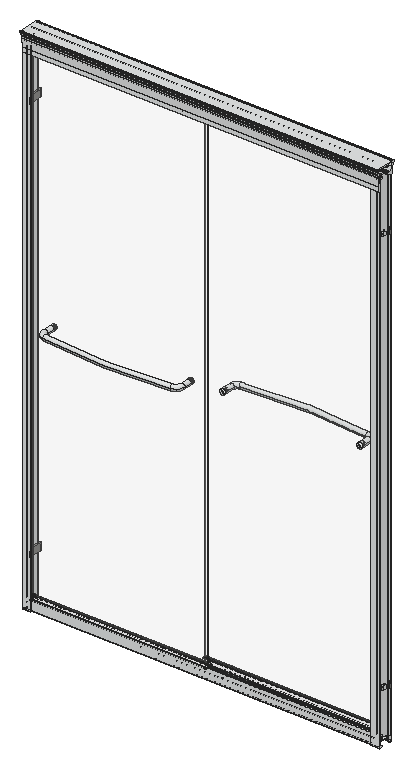
Revit family "Shower-Shower_Door-KOHLER-Fluence-K-702221", category Specialty Equipment, host Face, Revit 2021 (continued)
Definition of nested family "K-702221"
  Lines and regions (in)
    Masking region 2
      outline origin (13.1363, 2.44719, 48) x (0, 1, 0) y (0, 0, 1)
        loop
          arc (-1.46109, 26.35725) -> (-1.46799, 26.32613) -> (-1.48738, 26.30083) r 0.07368
          arc (-1.48738, 26.30083) -> (-1.66515, 26.25266) -> (-1.83501, 26.32388) r 0.28353
          arc (-1.83501, 26.32388) -> (-1.85018, 26.33344) -> (-1.86779, 26.33678) r 0.04811
          line (-1.86779, 26.33678) -> (-1.94477, 26.33678)
          arc (-1.94477, 26.33678) -> (-1.95979, 26.33023) -> (-1.96523, 26.31477) r 0.02051
          arc (-1.96523, 26.31477) -> (-1.93922, 25.84109) -> (-1.93055, 25.36678) r 12.97575
          line (-1.93055, 25.36678) -> (-1.93055, 26.25003) -> (-1.39274, 26.25003) -> (-1.39274, 26.50735) -> (-1.40673, 26.47989) -> (-1.51678, 26.47989) -> (-1.51678, 26.35356) -> (-1.54686, 26.32348) -> (-1.73673, 26.32348) -> (-1.76678, 26.35353) -> (-1.76678, 27.04453) -> (-1.73679, 27.07453) -> (-1.54664, 27.07453) -> (-1.51678, 27.04467) -> (-1.51678, 26.91833) -> (-1.40673, 26.91833) -> (-1.39274, 26.89087) -> (-1.39274, 26.94404)
          arc (-1.39274, 26.94404) -> (-1.35274, 26.98404) -> (-1.31274, 26.94404) r 0.04
          line (-1.31274, 26.94404) -> (-1.31274, 26.85217) -> (-1.27828, 26.85217)
          arc (-1.27828, 26.85217) -> (-1.20699, 26.8003) -> (-1.17314, 26.7189) r 0.16301
          line (-1.17314, 26.7189) -> (-1.24034, 26.7189) -> (-1.24034, 26.67889) -> (-1.17325, 26.67889)
          arc (-1.17325, 26.67889) -> (-1.20727, 26.59802) -> (-1.27828, 26.5465) r 0.16301
          line (-1.27828, 26.5465) -> (-1.31274, 26.5465) -> (-1.31274, 26.25003) -> (-0.4514, 26.25003) -> (-0.4514, 26.5465) -> (-0.48306, 26.5465)
          arc (-0.48306, 26.5465) -> (-0.55407, 26.59802) -> (-0.58809, 26.67889) r 0.16301
          line (-0.58809, 26.67889) -> (-0.521, 26.67889) -> (-0.521, 26.7189) -> (-0.5882, 26.7189)
          arc (-0.5882, 26.7189) -> (-0.55435, 26.8003) -> (-0.48306, 26.85217) r 0.16301
          line (-0.48306, 26.85217) -> (-0.4514, 26.85217) -> (-0.4514, 26.94404)
          arc (-0.4514, 26.94404) -> (-0.4114, 26.98404) -> (-0.3714, 26.94404) r 0.04
          line (-0.3714, 26.94404) -> (-0.3714, 26.89087) -> (-0.35741, 26.91833) -> (-0.2464, 26.91833) -> (-0.2464, 27.04563) -> (-0.2175, 27.07453) -> (-0.0264, 27.07453) -> (0.0036, 27.04453) -> (0.0036, 26.35347) -> (-0.02639, 26.32348) -> (-0.21632, 26.32348) -> (-0.2464, 26.35356) -> (-0.2464, 26.47989) -> (-0.35741, 26.47989) -> (-0.3714, 26.50735) -> (-0.3714, 26.25003) -> (0.16641, 26.25003) -> (0.16641, 25.36678)
          arc (0.16641, 25.36678) -> (0.17508, 25.84109) -> (0.20108, 26.31477) r 12.97575
          arc (0.20108, 26.31477) -> (0.19565, 26.33023) -> (0.18062, 26.33678) r 0.02051
          line (0.18062, 26.33678) -> (0.10365, 26.33678)
          arc (0.10365, 26.33678) -> (0.08603, 26.33344) -> (0.07087, 26.32388) r 0.04811
          arc (0.07087, 26.32388) -> (-0.09441, 26.25301) -> (-0.26907, 26.2958) r 0.28353
          arc (-0.26907, 26.2958) -> (-0.29331, 26.32237) -> (-0.30209, 26.35725) r 0.07368
          line (-0.30209, 26.35725) -> (-0.30209, 26.4273)
          arc (-0.30209, 26.4273) -> (-0.28816, 26.45167) -> (-0.26009, 26.45204) r 0.02829
          line (-0.26009, 26.45204) -> (-0.26009, 26.35632)
          arc (-0.26009, 26.35632) -> (-0.25542, 26.34146) -> (-0.24308, 26.33194) r 0.02597
          arc (-0.24308, 26.33194) -> (-0.18105, 26.31219) -> (-0.11658, 26.30313) r 0.38663
          arc (-0.11658, 26.30313) -> (-0.04699, 26.31554) -> (0.01991, 26.3384) r 0.46285
          line (0.01991, 26.3384) -> (0.01991, 26.38058)
          arc (0.01991, 26.38058) -> (0.02611, 26.39557) -> (0.0411, 26.40178) r 0.02119
          line (0.0411, 26.40178) -> (0.19004, 26.40178)
          arc (0.19004, 26.40178) -> (0.20503, 26.40749) -> (0.21241, 26.42172) r 0.02252
          arc (0.21241, 26.42172) -> (0.26778, 26.79181) -> (0.34801, 27.15733) r 5.54
          arc (0.34801, 27.15733) -> (0.43058, 27.38385) -> (0.5564, 27.58953) r 1.211
        loop
          arc (-1.39637, -47.07406) -> (-1.40172, -47.08811) -> (-1.41555, -47.094) r 0.01919
          line (-1.41555, -47.094) -> (-1.4718, -47.094)
          arc (-1.4718, -47.094) -> (-1.48579, -47.0998) -> (-1.49159, -47.1138) r 0.0198
          line (-1.49159, -47.1138) -> (-1.49159, -47.23049) -> (-1.44467, -47.23049)
          arc (-1.44467, -47.23049) -> (-1.46122, -47.2238) -> (-1.46771, -47.20717) r 0.02254
          line (-1.46771, -47.20717) -> (-1.46431, -47.1098) -> (-1.432, -47.1098)
          arc (-1.432, -47.1098) -> (-1.41711, -47.11328) -> (-1.40529, -47.12299) r 0.03363
          arc (-1.40529, -47.12299) -> (-1.38613, -47.14138) -> (-1.36233, -47.15317) r 0.08743
          line (-1.36233, -47.15317) -> (-1.37943, -46.66399) -> (-1.41242, -46.66399) -> (-1.39637, -47.07406)
        loop
          line (-1.52671, -46.36082) -> (-1.6673, -46.34834) -> (-1.68477, -46.37612) -> (-1.52849, -46.39274) -> (-1.52671, -46.36082)
        loop
          line (0.09641, -47.435) -> (0.11641, -47.46964) -> (0.11641, -47.40036) -> (0.09641, -47.435)
    Masking region 3
      outline origin (0, 0.23733, 37.69801) x (-1, 0, 0) y (0, -1, 0)
        loop
          line (30.532, 0.23733) -> (27.09748, 0.23733) -> (27.09748, 0.41203)
          arc (27.09748, 0.41203) -> (26.79095, 1.23135) -> (26.0219, 1.64825) r 1.24821
          arc (26.0219, 1.64825) -> (16.71361, 2.29361) -> (7.40572, 1.64251) r 67.15317
          arc (7.40572, 1.64251) -> (6.64906, 1.23188) -> (6.34752, 0.42552) r 1.22891
          line (6.34752, 0.42552) -> (6.34752, 0.23733) -> (-21.47587, 0.23733) -> (-21.47587, -2.89667) -> (30.532, -2.89667) -> (30.532, 0.23733)
        loop
          line (7.09748, 0.23733) -> (26.34752, 0.23733) -> (26.34752, 0.4276)
          arc (26.34752, 0.4276) -> (26.17068, 0.79773) -> (25.77163, 0.89273) r 0.47578
          arc (25.77163, 0.89273) -> (16.5638, 1.50537) -> (7.35865, 0.85379) r 67.3615
          arc (7.35865, 0.85379) -> (7.16786, 0.67452) -> (7.09748, 0.42235) r 0.48695
          line (7.09748, 0.42235) -> (7.09748, 0.23733)
    Masking region 4
      outline origin (0, 0, 0) x (1, 0, 0) y (0, 0, 1)
        loop
          line (-3.90075, 1.92671) -> (-3.90075, 72.72667) -> (-30.532, 72.72667) -> (-30.532, 0) -> (-29.32911, 0) -> (-29.32911, 1.92671) -> (-3.90075, 1.92671)
    Masking region 5
      outline origin (0, 0.23733, 37.69801) x (-1, 0, 0) y (0, -1, 0)
        loop
          arc (1.5042, -4.42675) -> (2.36128, -3.98831) -> (2.71648, -3.09352) r 1.36634
          line (2.71648, -3.09352) -> (2.71648, -2.89667) -> (1.96639, -2.89667) -> (1.96639, -3.09352)
          arc (1.96639, -3.09352) -> (1.84044, -3.40838) -> (1.54017, -3.566) r 0.48988
          arc (1.54017, -3.566) -> (-7.6662, -4.16506) -> (-16.87256, -3.566) r 71.0415
          arc (-16.87256, -3.566) -> (-17.16863, -3.38793) -> (-17.28485, -3.06258) r 0.5135
          line (-17.28485, -3.06258) -> (-17.28485, -2.89667) -> (-18.03304, -2.89667) -> (-18.03304, -3.06258)
          arc (-18.03304, -3.06258) -> (-17.68008, -3.98103) -> (-16.80288, -4.42675) r 1.37148
          arc (-16.80288, -4.42675) -> (-7.64934, -4.94372) -> (1.5042, -4.42675) r 81.29638
    symbolic lines, detail levels medium+fine
      curve 1: line (20.1048, 0.56672, 0) -> (20.1048, 0.56672, 74.25003)
      curve 2: line (20.1048, 0.5327, 74.25003) -> (20.1048, 0.5327, 0)
      curve 3: line (20.1048, 0.5247, 74.25003) -> (20.1048, 0.5247, 0)
      curve 4: line (20.1048, 0.57472, 74.25003) -> (20.1048, 0.57472, 0)
      curve 5: line (20.1048, 2.48253, 0.71783) -> (20.1048, 1.00253, 0.76951)
      curve 6: line (20.1048, 2.4825, 0.7488) -> (20.1048, 1.14254, 0.79507)
      curve 7: arc (20.1048, 2.56175, 0.64896) -> (20.1048, 2.54518, 0.71718) -> (20.1048, 2.4825, 0.7488) r 0.08372
      curve 8: arc (20.1048, 2.56302, 0.63448) -> (20.1048, 2.53961, 0.69242) -> (20.1048, 2.48253, 0.71783) r 0.0834
      curve 9: line (20.1048, 0.982, 0.86506) -> (20.1048, 1.00716, 0.86506)
      curve 10: arc (20.1048, 1.00716, 0.86506) -> (20.1048, 1.0217, 0.86307) -> (20.1048, 1.03517, 0.85725) r 0.0541
      curve 11: line (20.1048, 1.06777, 1.33601) -> (20.1048, 1.05948, 1.57316)
      curve 12: line (20.1048, 1.03477, 1.33601) -> (20.1048, 1.02666, 1.5433)
      curve 13: line (20.1048, 0.97216, 1.60158) -> (20.1048, 0.9187, 1.60726)
      curve 14: arc (20.1048, 1.02666, 1.5433) -> (20.1048, 1.01026, 1.58259) -> (20.1048, 0.97216, 1.60158) r 0.061
      curve 15: arc (20.1048, 1.14254, 0.79507) -> (20.1048, 1.1043, 0.81047) -> (20.1048, 1.08486, 0.84683) r 0.06038
      curve 16: arc (20.1048, 1.03517, 0.85725) -> (20.1048, 1.05913, 0.84781) -> (20.1048, 1.08486, 0.84683) r 0.07667
      curve 17: line (20.1048, 1.00394, 1.63176) -> (20.1048, 0.92048, 1.63918)
      curve 18: line (20.1048, 0.77989, 1.65166) -> (20.1048, 0.72429, 1.65696)
      curve 19: line (20.1048, 0.76243, 1.62388) -> (20.1048, 0.70715, 1.62969)
      curve 20: arc (20.1048, 1.05948, 1.57316) -> (20.1048, 1.0428, 1.61297) -> (20.1048, 1.00394, 1.63176) r 0.06097
      curve 21: line (20.1048, 0.97031, 1.63475) -> (20.1048, 0.9686, 1.60195)
      curve 22: line (20.1048, 0.97641, 1.63421) -> (20.1048, 0.97641, 1.60097)
      curve 23: line (20.1048, 0.97641, 1.42237) -> (20.1048, 0.97641, 1.54893)
      curve 24: arc (20.1048, 0.98666, 1.41455) -> (20.1048, 0.9796, 1.41593) -> (20.1048, 0.97641, 1.42237) r 0.00811
      curve 25: arc (20.1048, 1.03247, 1.39494) -> (20.1048, 1.04897, 1.39026) -> (20.1048, 1.06596, 1.38782) r 0.12854
      curve 26: line (20.1048, 0.73576, 1.58146) -> (20.1048, 0.69494, 1.5858)
      curve 27: line (20.1048, 0.6746, 1.56751) -> (20.1048, 0.6746, 1.48969)
      curve 28: line (20.1048, 0.6296, 1.50495) -> (20.1048, 0.6296, 1.41568)
      curve 29: arc (20.1048, 0.69494, 1.5858) -> (20.1048, 0.68069, 1.58119) -> (20.1048, 0.6746, 1.56751) r 0.01839
      curve 30: arc (20.1048, 0.59121, 1.44543) -> (20.1048, 0.58974, 1.43659) -> (20.1048, 0.59121, 1.42775) r 0.02721
      curve 31: line (20.1048, 0.95641, 1.38601) -> (20.1048, 0.96597, 1.55698)
      curve 32: line (20.1048, 0.98778, 1.38601) -> (20.1048, 0.95641, 1.38601)
      curve 33: line (20.1048, 0.98115, 1.55537) -> (20.1048, 0.98974, 1.33601)
      curve 34: line (20.1048, 0.91618, 1.56227) -> (20.1048, 0.98115, 1.55537)
      curve 35: arc (20.1048, 0.96597, 1.55698) -> (20.1048, 0.97868, 1.54559) -> (20.1048, 0.98219, 1.52888) r 0.02743
      curve 36: line (20.1048, 1.03282, 1.38601) -> (20.1048, 1.06602, 1.38601)
      curve 37: line (20.1048, 1.06145, 0.78904) -> (20.1048, 1.64435, 0.76868)
      curve 38: arc (20.1048, 1.00382, 0.8065) -> (20.1048, 1.0315, 0.79401) -> (20.1048, 1.06145, 0.78904) r 0.11746
      curve 39: line (20.1048, 1.00382, 0.8065) -> (20.1048, 1.00382, 0.86506)
      curve 40: line (20.1048, 2.6056, 74.25003) -> (20.1048, 2.6056, 0)
      curve 41: line (20.1048, 2.5716, 74.25003) -> (20.1048, 2.5716, 0)
      curve 42: line (20.1048, 2.5636, 0) -> (20.1048, 2.5636, 0.53036)
      curve 43: line (20.1048, 2.6136, 0.14503) -> (20.1048, 2.6136, 1.60672)
      curve 44: line (20.1048, 2.5636, 0.59964) -> (20.1048, 2.5636, 74.25003)
      curve 45: line (20.1048, 2.5496, 74.25003) -> (20.1048, 2.5496, 0.71107)
      curve 46: arc (20.1048, 4.02527, 38.07303) -> (20.1048, 4.39929, 37.69902) -> (20.1048, 4.02527, 37.325) r 0.37402
      curve 47: line (20.1048, 3.0406, 38.07303) -> (20.1048, 3.0406, 37.325)
      curve 48: arc (20.1048, -0.89503, 38.07303) -> (20.1048, -1.26905, 37.69902) -> (20.1048, -0.89503, 37.325) r 0.37402
      curve 49: line (20.1048, 0.08964, 38.07303) -> (20.1048, 0.08964, 37.325)
      curve 50: arc (20.1048, 2.5476, 0) -> (20.1048, 2.55891, 0.00469) -> (20.1048, 2.5636, 0.016) r 0.016
      curve 51: line (20.1048, 1.68539, 7.67378) -> (20.1048, 1.46281, 7.67378)
      curve 52: arc (20.1048, 1.46281, 7.67378) -> (20.1048, 1.41862, 7.65548) -> (20.1048, 1.40032, 7.61129) r 0.06249
      curve 53: line (20.1048, 1.40032, 7.61129) -> (20.1048, 1.40032, 7.38871)
      curve 54: arc (20.1048, 1.40032, 7.38871) -> (20.1048, 1.41862, 7.34452) -> (20.1048, 1.46281, 7.32622) r 0.06249
      curve 55: line (20.1048, 1.46281, 7.32622) -> (20.1048, 1.68539, 7.32622)
      curve 56: arc (20.1048, 1.68539, 7.32622) -> (20.1048, 1.72958, 7.34452) -> (20.1048, 1.74788, 7.38871) r 0.06249
      curve 57: line (20.1048, 1.74788, 7.38871) -> (20.1048, 1.74788, 7.61129)
      curve 58: arc (20.1048, 1.74788, 7.61129) -> (20.1048, 1.72958, 7.65548) -> (20.1048, 1.68539, 7.67378) r 0.06249
      curve 59: line (20.1048, 1.69285, 7.74375) -> (20.1048, 1.45535, 7.74375)
      curve 60: arc (20.1048, 1.45535, 7.74375) -> (20.1048, 1.36696, 7.70714) -> (20.1048, 1.33035, 7.61875) r 0.125
      curve 61: line (20.1048, 1.33035, 7.61875) -> (20.1048, 1.33035, 7.38125)
      curve 62: arc (20.1048, 1.33035, 7.38125) -> (20.1048, 1.36696, 7.29286) -> (20.1048, 1.45535, 7.25625) r 0.125
      curve 63: line (20.1048, 1.45535, 7.25625) -> (20.1048, 1.69285, 7.25625)
      curve 64: arc (20.1048, 1.69285, 7.25625) -> (20.1048, 1.78124, 7.29286) -> (20.1048, 1.81785, 7.38125) r 0.125
      curve 65: line (20.1048, 1.81785, 7.38125) -> (20.1048, 1.81785, 7.61875)
      curve 66: arc (20.1048, 1.81785, 7.61875) -> (20.1048, 1.78124, 7.70714) -> (20.1048, 1.69285, 7.74375) r 0.125
      curve 67: line (20.1048, 1.69285, 7.73588) -> (20.1048, 1.45535, 7.73588)
      curve 68: arc (20.1048, 1.45535, 7.73588) -> (20.1048, 1.37253, 7.70157) -> (20.1048, 1.33822, 7.61875) r 0.11713
      curve 69: line (20.1048, 1.33822, 7.61875) -> (20.1048, 1.33822, 7.38125)
      curve 70: arc (20.1048, 1.33822, 7.38125) -> (20.1048, 1.37253, 7.29843) -> (20.1048, 1.45535, 7.26412) r 0.11713
      curve 71: line (20.1048, 1.45535, 7.26412) -> (20.1048, 1.69285, 7.26412)
      curve 72: arc (20.1048, 1.69285, 7.26412) -> (20.1048, 1.77567, 7.29843) -> (20.1048, 1.80997, 7.38125) r 0.11713
      curve 73: line (20.1048, 1.80997, 7.38125) -> (20.1048, 1.80997, 7.61875)
      curve 74: arc (20.1048, 1.80997, 7.61875) -> (20.1048, 1.77567, 7.70157) -> (20.1048, 1.69285, 7.73588) r 0.11713
      curve 75: line (20.1048, 2.68115, 7.3125) -> (20.1048, 2.68115, 7.6875)
      curve 76: arc (20.1048, 2.67509, 7.2568) -> (20.1048, 2.67963, 7.28449) -> (20.1048, 2.68115, 7.3125) r 0.25877
      curve 77: arc (20.1048, 2.67509, 7.2568) -> (20.1048, 2.64285, 7.23237) -> (20.1048, 2.6136, 7.26031) r 0.03119
      curve 78: arc (20.1048, 2.68115, 7.6875) -> (20.1048, 2.67967, 7.71473) -> (20.1048, 2.67525, 7.74164) r 0.25128
      curve 79: arc (20.1048, 2.67525, 7.74164) -> (20.1048, 2.64591, 7.7668) -> (20.1048, 2.6136, 7.74558) r 0.03215
      curve 80: line (20.1048, 2.67043, 7.75282) -> (20.1048, 2.67043, 7.87253)
      curve 81: arc (20.1048, 2.67043, 7.87253) -> (20.1048, 2.66962, 7.89711) -> (20.1048, 2.66721, 7.92159) r 0.3763
      curve 82: arc (20.1048, 2.6136, 7.9674) -> (20.1048, 2.64369, 7.94834) -> (20.1048, 2.66721, 7.92159) r 0.12537
      curve 83: line (20.1048, 2.6136, 7.97377) -> (20.1048, 2.6136, 7.0272)
      curve 84: arc (20.1048, 2.66721, 7.92159) -> (20.1048, 2.63573, 7.93184) -> (20.1048, 2.6136, 7.90723) r 0.03036
      curve 85: arc (20.1048, 2.68115, 7.3125) -> (20.1048, 2.67967, 7.28527) -> (20.1048, 2.67525, 7.25836) r 0.25128
      curve 86: arc (20.1048, 2.67525, 7.25836) -> (20.1048, 2.64591, 7.2332) -> (20.1048, 2.6136, 7.25442) r 0.03215
      curve 87: line (20.1048, 2.67043, 7.24718) -> (20.1048, 2.67043, 7.12747)
      curve 88: arc (20.1048, 2.67043, 7.12747) -> (20.1048, 2.66962, 7.10289) -> (20.1048, 2.66721, 7.07841) r 0.3763
      curve 89: arc (20.1048, 2.6136, 7.0326) -> (20.1048, 2.64369, 7.05166) -> (20.1048, 2.66721, 7.07841) r 0.12537
      curve 90: arc (20.1048, 2.66721, 7.07841) -> (20.1048, 2.63573, 7.06816) -> (20.1048, 2.6136, 7.09277) r 0.03036
      curve 91: line (20.1048, 2.68115, 66.56296) -> (20.1048, 2.68115, 66.93796)
      curve 92: arc (20.1048, 2.67509, 66.50726) -> (20.1048, 2.67963, 66.53494) -> (20.1048, 2.68115, 66.56296) r 0.25877
      curve 93: arc (20.1048, 2.67509, 66.50726) -> (20.1048, 2.64285, 66.48283) -> (20.1048, 2.6136, 66.51076) r 0.03119
      curve 94: arc (20.1048, 2.68115, 66.93796) -> (20.1048, 2.67967, 66.96519) -> (20.1048, 2.67525, 66.9921) r 0.25128
      curve 95: arc (20.1048, 2.67525, 66.9921) -> (20.1048, 2.64591, 67.01725) -> (20.1048, 2.6136, 66.99603) r 0.03215
      curve 96: line (20.1048, 2.67043, 67.00327) -> (20.1048, 2.67043, 67.12298)
      curve 97: arc (20.1048, 2.67043, 67.12298) -> (20.1048, 2.66962, 67.14757) -> (20.1048, 2.66721, 67.17205) r 0.3763
      curve 98: arc (20.1048, 2.6136, 67.21785) -> (20.1048, 2.64369, 67.1988) -> (20.1048, 2.66721, 67.17205) r 0.12537
      curve 99: line (20.1048, 2.6136, 67.22182) -> (20.1048, 2.6136, 66.2771)
      curve 100: arc (20.1048, 2.66721, 67.17205) -> (20.1048, 2.63573, 67.1823) -> (20.1048, 2.6136, 67.15768) r 0.03036
      curve 101: arc (20.1048, 2.68115, 66.56296) -> (20.1048, 2.67967, 66.53573) -> (20.1048, 2.67525, 66.50882) r 0.25128
      curve 102: arc (20.1048, 2.67525, 66.50882) -> (20.1048, 2.64591, 66.48366) -> (20.1048, 2.6136, 66.50488) r 0.03215
      curve 103: line (20.1048, 2.67043, 66.49764) -> (20.1048, 2.67043, 66.37793)
      curve 104: arc (20.1048, 2.67043, 66.37793) -> (20.1048, 2.66962, 66.35334) -> (20.1048, 2.66721, 66.32886) r 0.3763
      curve 105: arc (20.1048, 2.6136, 66.28306) -> (20.1048, 2.64369, 66.30212) -> (20.1048, 2.66721, 66.32886) r 0.12537
      curve 106: arc (20.1048, 2.66721, 66.32886) -> (20.1048, 2.63573, 66.31861) -> (20.1048, 2.6136, 66.34323) r 0.03036
      curve 107: line (20.1048, 1.68539, 66.92381) -> (20.1048, 1.46281, 66.92381)
      curve 108: arc (20.1048, 1.46281, 66.92381) -> (20.1048, 1.41862, 66.90551) -> (20.1048, 1.40032, 66.86132) r 0.06249
      curve 109: line (20.1048, 1.40032, 66.86132) -> (20.1048, 1.40032, 66.63874)
      curve 110: arc (20.1048, 1.40032, 66.63874) -> (20.1048, 1.41862, 66.59455) -> (20.1048, 1.46281, 66.57625) r 0.06249
      curve 111: line (20.1048, 1.46281, 66.57625) -> (20.1048, 1.68539, 66.57625)
      curve 112: arc (20.1048, 1.68539, 66.57625) -> (20.1048, 1.72958, 66.59455) -> (20.1048, 1.74788, 66.63874) r 0.06249
      curve 113: line (20.1048, 1.74788, 66.63874) -> (20.1048, 1.74788, 66.86132)
      curve 114: arc (20.1048, 1.74788, 66.86132) -> (20.1048, 1.72958, 66.90551) -> (20.1048, 1.68539, 66.92381) r 0.06249
      curve 115: line (20.1048, 1.69285, 66.99378) -> (20.1048, 1.45535, 66.99378)
      curve 116: arc (20.1048, 1.45535, 66.99378) -> (20.1048, 1.36696, 66.95717) -> (20.1048, 1.33035, 66.86878) r 0.125
      curve 117: line (20.1048, 1.33035, 66.86878) -> (20.1048, 1.33035, 66.63128)
      curve 118: arc (20.1048, 1.33035, 66.63128) -> (20.1048, 1.36696, 66.54289) -> (20.1048, 1.45535, 66.50628) r 0.125
      curve 119: line (20.1048, 1.45535, 66.50628) -> (20.1048, 1.69285, 66.50628)
      curve 120: arc (20.1048, 1.69285, 66.50628) -> (20.1048, 1.78124, 66.54289) -> (20.1048, 1.81785, 66.63128) r 0.125
      curve 121: line (20.1048, 1.81785, 66.63128) -> (20.1048, 1.81785, 66.86878)
      curve 122: arc (20.1048, 1.81785, 66.86878) -> (20.1048, 1.78124, 66.95717) -> (20.1048, 1.69285, 66.99378) r 0.125
      curve 123: line (20.1048, 1.69285, 66.98591) -> (20.1048, 1.45535, 66.98591)
      curve 124: arc (20.1048, 1.45535, 66.98591) -> (20.1048, 1.37253, 66.9516) -> (20.1048, 1.33822, 66.86878) r 0.11713
      curve 125: line (20.1048, 1.33822, 66.86878) -> (20.1048, 1.33822, 66.63128)
      curve 126: arc (20.1048, 1.33822, 66.63128) -> (20.1048, 1.37253, 66.54846) -> (20.1048, 1.45535, 66.51415) r 0.11713
      curve 127: line (20.1048, 1.45535, 66.51415) -> (20.1048, 1.69285, 66.51415)
      curve 128: arc (20.1048, 1.69285, 66.51415) -> (20.1048, 1.77567, 66.54846) -> (20.1048, 1.80997, 66.63128) r 0.11713
      curve 129: line (20.1048, 1.80997, 66.63128) -> (20.1048, 1.80997, 66.86878)
      curve 130: arc (20.1048, 1.80997, 66.86878) -> (20.1048, 1.77567, 66.9516) -> (20.1048, 1.69285, 66.98591) r 0.11713
      curve 131: arc (20.1048, 2.65288, 1.52525) -> (20.1048, 2.64228, 1.55963) -> (20.1048, 2.6136, 1.58135) r 0.05862
      curve 132: arc (20.1048, 1.64435, 0.76868) -> (20.1048, 1.66747, 0.77017) -> (20.1048, 1.68984, 0.77617) r 0.11719
      curve 133: line (20.1048, 1.9853, 0.75678) -> (20.1048, 2.46298, 0.7401)
      curve 134: arc (20.1048, 1.94075, 0.76751) -> (20.1048, 1.96248, 0.75989) -> (20.1048, 1.9853, 0.75678) r 0.11452
      curve 135: arc (20.1048, 2.46298, 0.7401) -> (20.1048, 2.48363, 0.74103) -> (20.1048, 2.50386, 0.74526) r 0.12887
      curve 136: line (20.1048, 2.6136, 73.36678) -> (20.1048, 2.6136, 72.72678)
      curve 137: line (20.1048, 2.4208, 74.32348) -> (20.1048, 2.42079, 75.07453)
      curve 138: line (20.1048, 2.20079, 74.91833) -> (20.1048, 2.20079, 74.47989)
      curve 139: line (20.1048, 2.22989, 75.07473) -> (20.1048, 2.23087, 74.32348)
      curve 140: line (20.1048, 2.07579, 74.89087) -> (20.1048, 2.07579, 74.50735)
      curve 141: line (20.1048, 2.08978, 74.91833) -> (20.1048, 2.08978, 74.47989)
      curve 142: line (20.1048, 0.71046, 74.32348) -> (20.1048, 0.71041, 75.07453)
      curve 143: line (20.1048, 0.93041, 74.91833) -> (20.1048, 0.93041, 74.47989)
      curve 144: line (20.1048, 0.90055, 75.07453) -> (20.1048, 0.90033, 74.32348)
      curve 145: line (20.1048, 1.05445, 74.89087) -> (20.1048, 1.05445, 74.50735)
      curve 146: line (20.1048, 1.04046, 74.91833) -> (20.1048, 1.04046, 74.47989)
      curve 147: line (20.1048, 1.13445, 74.25003) -> (20.1048, 1.05445, 74.25003)
      curve 148: line (20.1048, 2.07579, 74.25003) -> (20.1048, 1.99579, 74.25003)
      curve 149: line (20.1048, 0.51664, 73.36678) -> (20.1048, 0.51664, 72.72678)
      curve 150: line (20.1048, 0.51664, 38.07303) -> (20.1048, 0.51668, 37.325)
      curve 151: line (20.1048, 2.6136, 38.07303) -> (20.1048, 2.6136, 37.325)
      curve 152: line (-3.90075, 0, 72.7267) -> (21.47587, 0, 72.72667)
      curve 153: line (20.27248, 0, 72.72668) -> (20.27248, 0, 0)
      curve 154: line (20.27248, 0, 1.63095) -> (-29.33887, 0, 1.63095)
      curve 155: line (-3.816, 0, 1.63095) -> (-3.816, 0, 1.92671)
      curve 156: line (-29.32911, 0, 1.92671) -> (-29.32911, 0, 72.72667)
      curve 157: line (-3.91915, 0, 1.92671) -> (-3.91915, 0, 72.7267)
      curve 158: line (-6.72247, 0, 38.07303) -> (-26.7225, 0, 38.07303)
      curve 159: line (-26.72233, 0, 37.32299) -> (-6.7191, 0, 37.32299)
      curve 160: arc (-6.7191, 0, 37.32299) -> (-6.34745, 0, 37.69969) -> (-6.72247, 0, 38.07303) r 0.37503
      curve 161: arc (-26.7225, 0, 38.07303) -> (-27.09752, 0, 37.69793) -> (-26.72233, 0, 37.32299) r 0.37502
      curve 162: line (-8.17469, 0, 37.69801) -> (-7.42472, 0, 37.69801)
      curve 163: line (-28.17469, 0, 37.69801) -> (-27.42472, 0, 37.69801)
      curve 164: line (-30.532, 3.08477, 37.69801) -> (21.47587, 3.08477, 37.69801)
      curve 165: line (21.47587, 0.04923, 37.69801) -> (-30.532, 0.04923, 37.69801)
      curve 166: circle (17.6585, 0, 37.69801) r 0.37503 normal (0, -1, 0)
      curve 167: circle (-2.3415, 0, 37.69801) r 0.37503 normal (0, -1, 0)
      curve 168: line (-3.91915, 0, 1.92671) -> (20.27248, 0, 1.92671)
      curve 169: line (-7.09748, 0, 37.69801) -> (-6.34752, 0, 37.69801)
      curve 170: line (-27.09748, 0, 37.69801) -> (-26.34752, 0, 37.69801)
      curve 171: line (0, 1.99579, 74.85217) -> (0, 1.99579, 74.5465)
      curve 172: line (0, 1.13445, 74.85217) -> (0, 1.13445, 74.5465)
  Dimensions and locks (in)
    locked: plane 5 to plane 3 "Center (Left/Right)" at 30.532
    locked: Extrusion 12 sketch curve to plane 8 at 0.06252
    "Width": plane 4 to plane 5
    locked: Extrusion 19 sketch curve to plane 4 at 0.99017
    locked: plane 10 to plane 4 at 0.4825
    locked: plane 15 "WALK THRU PLANE" to plane 5 at 26.63125
    "Walk Thru": plane 16 "WTP1" to plane 15 "WALK THRU PLANE"
    locked: plane 8 to plane 4 at 0.907
    plane 17 "FH2" to plane 19 to plane 18 "FH1" = 10" locked, 10" locked
    plane 4 to plane 16 "WTP1" = 1.20339"
    plane 7 to plane 20 = 7.23733"
    locked: plane 21 "M1" to Extrusion 12 sketch curve at 0.06185
    plane 14 to level = 37.325"
    plane 13 to plane 14 = 0.74803"
    locked: plane 28 to plane 4 at 3.97737
    locked: plane 28 to plane 27 at 0.16
    plane 26 "M2" to plane 30 to plane 27 = 9.99802" locked, 10.00198" locked
    locked: plane 26 "M2" to plane 29 "M3" at 0.16
    locked: plane 21 "M1" to plane 26 "M2" at 2.9065
    Sweep 13 sketch curve to plane 30 to Sweep 13 sketch curve = 9.99802" locked, 10.00198" locked
    locked: Masking region 5 sketch curve to plane 26 "M2" at 0.37498
    locked: plane 27 to Masking region 5 sketch curve at 0.37454
    plane 32 to plane 31 = 20.74996"
    aligned and locked: plane 2 to level
    aligned and locked: plane 4 to Extrusion 4
    aligned and locked: Extrusion 10 to plane 8
    aligned and locked: plane 4 to Extrusion 1
    aligned and locked: plane 4 to Extrusion 14
    aligned and locked: plane 4 to Extrusion 2
    aligned and locked: Extrusion 15 to plane 5
    aligned and locked: Extrusion 21 to plane 10
    aligned and locked: Extrusion 22 to plane 10
    aligned and locked: plane 4 to Extrusion 26
    aligned and locked: Extrusion 26 to plane 5
    aligned and locked: Extrusion 2 to plane 16 "WTP1"
    aligned and locked: Extrusion 10 to plane 21 "M1"
    aligned and locked: plane 26 "M2" to Sweep 13 sketch curve
    aligned and locked: Sweep 13 sketch curve to plane 27
  Automatic sketch dimensions
    Extrusion 1 sketch curve to level = 0"  (x2)
    Extrusion 1 sketch curve to level = 0.05241"
    plane 25 to Extrusion 1 sketch curve = 0.38871"
    level to Extrusion 1 sketch curve = 0.01987"
    Extrusion 1 sketch curve to Extrusion 1 sketch curve = 0.0419"
    Extrusion 1 sketch curve to Extrusion 1 sketch curve = 0.06566"
    Extrusion 1 sketch curve to Extrusion 1 sketch curve = 0.01104"
    Extrusion 1 sketch curve to Extrusion 1 sketch curve = 0.045"
    Extrusion 1 sketch curve to Extrusion 1 sketch curve = 0.01427"
    Extrusion 1 sketch curve to Extrusion 1 sketch curve = 0.04235"
    plane 11 to Extrusion 1 sketch curve = 0.00008"
    Extrusion 1 sketch curve to Extrusion 1 sketch curve = 0.00627"
    level to Extrusion 1 sketch curve = 0.016"
    Extrusion 1 sketch curve to Extrusion 1 sketch curve = 0.04649"  (x2)
    Extrusion 1 sketch curve to Extrusion 1 sketch curve = 0.02382"
    Extrusion 1 sketch curve to Extrusion 1 sketch curve = 0.01088"
    Extrusion 1 sketch curve to plane 11 = 0.04595"
    Extrusion 1 sketch curve to Extrusion 1 sketch curve = 0.01354"
    plane 25 to Extrusion 1 sketch curve = 0.11341"
    Extrusion 1 sketch curve to Extrusion 1 sketch curve = 0.00457"
    Extrusion 1 sketch curve to Extrusion 1 sketch curve = 0.0068"
    plane 25 to Extrusion 1 sketch curve = 0.0796"
    Extrusion 1 sketch curve to Extrusion 1 sketch curve = 0.00139"
    Extrusion 1 sketch curve to Extrusion 1 sketch curve = 0.0459"
    plane 25 to Extrusion 1 sketch curve = 0.06581"
    plane 25 to Extrusion 1 sketch curve = 0.04681"
    plane 25 to Extrusion 1 sketch curve = 0.02081"
    plane 25 to Extrusion 1 sketch curve = 0.01992"
    plane 25 to Extrusion 1 sketch curve = 0.01722"
    plane 25 to Extrusion 1 sketch curve = 0.01196"
    plane 25 to Extrusion 1 sketch curve = 0.00959"
    plane 25 to Extrusion 1 sketch curve = 1/128"
    plane 25 to Extrusion 1 sketch curve = 0.00326"
    plane 25 to Extrusion 1 sketch curve = 0.00197"
    plane 25 to Extrusion 1 sketch curve = 0.00106"
    plane 25 to Extrusion 1 sketch curve = 0.00028"
    Extrusion 1 sketch curve to plane 25 = 0.00034"
    Extrusion 1 sketch curve to Extrusion 1 sketch curve = 0.00012"
    Extrusion 1 sketch curve to plane 25 = 0.00176"
    Extrusion 1 sketch curve to plane 25 = 0.00561"
    Extrusion 1 sketch curve to Extrusion 1 sketch curve = 0.02563"
    Extrusion 1 sketch curve to Extrusion 1 sketch curve = 0.0446"
    Extrusion 1 sketch curve to plane 25 = 0.05507"
    Extrusion 1 sketch curve to Extrusion 1 sketch curve = 0.01933"
    Extrusion 1 sketch curve to plane 22 = 0.13624"
    Extrusion 1 sketch curve to Extrusion 1 sketch curve = 0.0009"
    Extrusion 1 sketch curve to Extrusion 1 sketch curve = 0.04312"
    Extrusion 1 sketch curve to Extrusion 1 sketch curve = 0.00138"
    Extrusion 1 sketch curve to Extrusion 1 sketch curve = 0.13784"
    Extrusion 1 sketch curve to Extrusion 1 sketch curve = 0.00042"
    Extrusion 1 sketch curve to Extrusion 1 sketch curve = 0.00655"
    Extrusion 1 sketch curve to Extrusion 1 sketch curve = 0.00291"
    Extrusion 1 sketch curve to Extrusion 1 sketch curve = 0.0198"
    Extrusion 1 sketch curve to Extrusion 1 sketch curve = 0.02488"
    Extrusion 1 sketch curve to Extrusion 1 sketch curve = 0.02034"
    Extrusion 1 sketch curve to Extrusion 1 sketch curve = 0.0225"  (x2)
    Extrusion 1 sketch curve to Extrusion 1 sketch curve = 0.02"  (x2)
    Extrusion 1 sketch curve to level = 0.11819"
    Extrusion 1 sketch curve to Extrusion 1 sketch curve = 0.07928"
    Extrusion 1 sketch curve to Extrusion 1 sketch curve = 0.04638"
    Extrusion 1 sketch curve to Extrusion 1 sketch curve = 0.06893"
    Extrusion 1 sketch curve to level = 0.03962"
    level to Extrusion 1 sketch curve = 0.01498"
    level to Extrusion 1 sketch curve = 0.02241"
    Extrusion 1 sketch curve to Extrusion 1 sketch curve = 0.04899"
    Extrusion 1 sketch curve to Extrusion 1 sketch curve = 0.01499"
    Extrusion 1 sketch curve to Extrusion 1 sketch curve = 0.09467"
    Extrusion 1 sketch curve to Extrusion 1 sketch curve = 0.42595"
    Extrusion 1 sketch curve to Extrusion 1 sketch curve = 0.00357"
    Extrusion 1 sketch curve to Extrusion 1 sketch curve = 0.03464"  (x2)
    Extrusion 1 sketch curve to Extrusion 1 sketch curve = 0.0309"
    Extrusion 1 sketch curve to Extrusion 1 sketch curve = 0.03496"
    Extrusion 1 sketch curve to Extrusion 1 sketch curve = 0.02056"
    Extrusion 1 sketch curve to Extrusion 1 sketch curve = 0.01731"
    Extrusion 1 sketch curve to Extrusion 1 sketch curve = 0.02589"
    Extrusion 1 sketch curve to Extrusion 1 sketch curve = 0.58451"
    Extrusion 1 sketch curve to Extrusion 1 sketch curve = 0.02114"
    Extrusion 1 sketch curve to Extrusion 1 sketch curve = 0.09455"
    Extrusion 1 sketch curve to Extrusion 1 sketch curve = 0.00645"
    Extrusion 1 sketch curve to Extrusion 1 sketch curve = 0.01935"
    Extrusion 1 sketch curve to Extrusion 1 sketch curve = 0.0698"
    Extrusion 1 sketch curve to Extrusion 1 sketch curve = 0.001"  (x2)
    Extrusion 1 sketch curve to plane 11 = 0.09866"
    Extrusion 1 sketch curve to Extrusion 1 sketch curve = 0.00966"
    Extrusion 1 sketch curve to Extrusion 1 sketch curve = 0.011"
    Extrusion 1 sketch curve to Extrusion 1 sketch curve = 0.01124"
    Extrusion 1 sketch curve to Extrusion 1 sketch curve = 0"  (x5)
    Extrusion 1 sketch curve to Extrusion 1 sketch curve = 0.0849"
    Extrusion 1 sketch curve to Extrusion 1 sketch curve = 0.00072"
    plane 11 to Extrusion 2 sketch curve = 0.038"
    plane 25 to Extrusion 2 sketch curve = 0.39132"
    Extrusion 2 sketch curve to plane 25 = 0.02347"
    plane 11 to Extrusion 2 sketch curve = 0.0007"
    Extrusion 2 sketch curve to plane 25 = 0.02874"
    Extrusion 2 sketch curve to plane 11 = 0.05658"
    Extrusion 2 sketch curve to Extrusion 2 sketch curve = 0.05956"
    Extrusion 2 sketch curve to plane 25 = 0.10829"
    plane 24 to Extrusion 2 sketch curve = 0.06543"
    Extrusion 2 sketch curve to Extrusion 2 sketch curve = 0.00201"
    Extrusion 2 sketch curve to plane 22 = 0.39651"
    Extrusion 2 sketch curve to Extrusion 2 sketch curve = 0.72096"
    Extrusion 2 sketch curve to Extrusion 2 sketch curve = 0.00204"
    level to Extrusion 2 sketch curve = 0.74642"
    Extrusion 2 sketch curve to level = 0.19685"
    Extrusion 3 sketch curve to plane 5 = 0"  (x2)
    plane 5 to Extrusion 3 sketch curve = 0.41613"
    plane 5 to Extrusion 3 sketch curve = 0.46097"
    plane 5 to Extrusion 3 sketch curve = 0.46214"
    Extrusion 3 sketch curve to Extrusion 3 sketch curve = 0.02103"  (x2)
    Extrusion 3 sketch curve to Extrusion 3 sketch curve = 0.02786"  (x2)
    plane 5 to Extrusion 3 sketch curve = 0.50787"
    plane 5 to Extrusion 3 sketch curve = 0.51877"
    Extrusion 3 sketch curve to Extrusion 3 sketch curve = 0.05"
    Extrusion 3 sketch curve to Extrusion 3 sketch curve = 0.02094"
    Extrusion 3 sketch curve to Extrusion 3 sketch curve = 0.62561"
    plane 7 to Extrusion 3 sketch curve = 10.95005"
    Extrusion 3 sketch curve to Extrusion 3 sketch curve = 1.71819"
    Extrusion 3 sketch curve to Extrusion 3 sketch curve = 3.79"
    plane 25 to Extrusion 3 sketch curve = 0.4519"
    plane 25 to Extrusion 3 sketch curve = 0.43456"
    Extrusion 3 sketch curve to Extrusion 3 sketch curve = 0.04958"
    Extrusion 3 sketch curve to Extrusion 3 sketch curve = 0.02083"
    Extrusion 3 sketch curve to plane 22 = 0.38895"
    Extrusion 3 sketch curve to Extrusion 3 sketch curve = 0"  (x2)
    Extrusion 4 sketch curve to plane 1 "Center (Front/Back)" = 0"
    Extrusion 4 sketch curve to plane 9 = 0"
    plane 1 "Center (Front/Back)" to Extrusion 4 sketch curve = 0.34894"
    Extrusion 4 sketch curve to Extrusion 4 sketch curve = 0.33968"  (x2)
    Extrusion 4 sketch curve to Extrusion 4 sketch curve = 0.01329"  (x2)
    Extrusion 4 sketch curve to Extrusion 4 sketch curve = 0.14738"  (x2)
    Extrusion 4 sketch curve to plane 7 = 0.52159"
    plane 7 to Extrusion 4 sketch curve = 0.573"
    Extrusion 4 sketch curve to Extrusion 4 sketch curve = 2.40131"  (x2)
    Extrusion 4 sketch curve to Extrusion 4 sketch curve = 4.37284"  (x2)
    Extrusion 4 sketch curve to Extrusion 4 sketch curve = 0.97437"  (x2)
    Extrusion 4 sketch curve to Extrusion 4 sketch curve = 3.05332"  (x2)
    Extrusion 4 sketch curve to plane 1 "Center (Front/Back)" = 0.03519"
    Extrusion 4 sketch curve to Extrusion 4 sketch curve = 0.00993"  (x2)
    Extrusion 4 sketch curve to Extrusion 4 sketch curve = 0.09663"
    Extrusion 4 sketch curve to Extrusion 4 sketch curve = 0.05224"  (x2)
    Extrusion 4 sketch curve to plane 1 "Center (Front/Back)" = 0.454"
    plane 25 to Extrusion 4 sketch curve = 0.48244"
    Extrusion 4 sketch curve to Extrusion 4 sketch curve = 0.00942"  (x2)
    Extrusion 4 sketch curve to Extrusion 4 sketch curve = 0.065"  (x2)
    Extrusion 4 sketch curve to Extrusion 4 sketch curve = 0.07698"  (x2)
    Extrusion 4 sketch curve to Extrusion 4 sketch curve = 0.06255"
    Extrusion 4 sketch curve to Extrusion 4 sketch curve = 0.02119"  (x2)
    plane 25 to Extrusion 4 sketch curve = 0.22429"
    plane 25 to Extrusion 4 sketch curve = 0.17551"
    Extrusion 4 sketch curve to Extrusion 4 sketch curve = 0"  (x24)
    plane 25 to Extrusion 4 sketch curve = 0.07446"
    plane 25 to Extrusion 4 sketch curve = 0.06399"
    Extrusion 4 sketch curve to Extrusion 4 sketch curve = 0.00571"  (x2)
    plane 25 to Extrusion 4 sketch curve = 0.03231"
    plane 25 to Extrusion 4 sketch curve = 0.0186"
    Extrusion 4 sketch curve to plane 25 = 0.00969"
    Extrusion 4 sketch curve to plane 25 = 0.02269"
    Extrusion 4 sketch curve to plane 25 = 0.08582"
    Extrusion 4 sketch curve to Extrusion 4 sketch curve = 0.02304"
    plane 24 to Extrusion 4 sketch curve = 0.10834"
    Extrusion 4 sketch curve to Extrusion 4 sketch curve = 0.05"  (x2)
    Extrusion 4 sketch curve to plane 23 = 0.05834"
    Extrusion 4 sketch curve to Extrusion 4 sketch curve = 0.01519"
    Extrusion 4 sketch curve to Extrusion 4 sketch curve = 0.04252"
    plane 22 to Extrusion 4 sketch curve = 0.02269"
    plane 22 to Extrusion 4 sketch curve = 0.00969"
    Extrusion 4 sketch curve to plane 22 = 0.0186"
    Extrusion 4 sketch curve to Extrusion 4 sketch curve = 0.01371"
    Extrusion 4 sketch curve to Extrusion 4 sketch curve = 0.02597"
    Extrusion 4 sketch curve to plane 22 = 0.07446"
    Extrusion 4 sketch curve to Extrusion 4 sketch curve = 0.1432"
    Extrusion 4 sketch curve to plane 22 = 0.22429"
    Extrusion 4 sketch curve to Extrusion 4 sketch curve = 0.1368"
    Extrusion 4 sketch curve to Extrusion 4 sketch curve = 0.08374"
    Extrusion 4 sketch curve to plane 22 = 0.45881"
    plane 9 to Extrusion 4 sketch curve = 0.194"
    Extrusion 4 sketch curve to Extrusion 4 sketch curve = 0.04512"
    Extrusion 4 sketch curve to plane 9 = 0.34894"
    Extrusion 4 sketch curve to plane 20 = 0.51236"
    plane 20 to Extrusion 4 sketch curve = 0.58224"
    Extrusion 4 sketch curve to Extrusion 4 sketch curve = 0.28153"  (x2)
    Extrusion 4 sketch curve to Extrusion 4 sketch curve = 0.09191"
    Extrusion 4 sketch curve to Extrusion 4 sketch curve = 0.0276"  (x2)
    Extrusion 4 sketch curve to Extrusion 4 sketch curve = 0.04811"  (x2)
    Extrusion 4 sketch curve to Extrusion 4 sketch curve = 0.04218"  (x2)
    Extrusion 4 sketch curve to Extrusion 4 sketch curve = 0.00162"
    Extrusion 4 sketch curve to Extrusion 4 sketch curve = 0.01792"  (x2)
    Extrusion 4 sketch curve to Extrusion 4 sketch curve = 0.00093"  (x2)
    Extrusion 4 sketch curve to Extrusion 4 sketch curve = 0.02252"  (x2)
    Extrusion 4 sketch curve to Extrusion 4 sketch curve = 0.07005"  (x2)
    Extrusion 4 sketch curve to Extrusion 4 sketch curve = 0.07354"  (x2)
    Extrusion 4 sketch curve to Extrusion 4 sketch curve = 0.00022"  (x2)
    Extrusion 4 sketch curve to Extrusion 4 sketch curve = 0.05388"  (x2)
    Extrusion 4 sketch curve to Extrusion 4 sketch curve = 0.16913"  (x2)
    Extrusion 4 sketch curve to Extrusion 4 sketch curve = 0.08023"  (x2)
    Extrusion 4 sketch curve to Extrusion 4 sketch curve = 0.26103"  (x2)
    Extrusion 4 sketch curve to Extrusion 4 sketch curve = 0.26332"  (x2)
    Extrusion 4 sketch curve to Extrusion 4 sketch curve = 0.06527"  (x2)
    Extrusion 4 sketch curve to Extrusion 4 sketch curve = 0.05973"  (x2)
    Extrusion 4 sketch curve to Extrusion 4 sketch curve = 0.01057"
    Extrusion 4 sketch curve to Extrusion 4 sketch curve = 0.01257"
    Extrusion 4 sketch curve to Extrusion 4 sketch curve = 0.086"  (x2)
    Extrusion 4 sketch curve to Extrusion 4 sketch curve = 0.016"
    Extrusion 4 sketch curve to Extrusion 4 sketch curve = 0.02453"  (x2)
    Extrusion 4 sketch curve to Extrusion 4 sketch curve = 0.00254"
    Extrusion 5 sketch curve to plane 22 = 0"
    plane 22 to Extrusion 5 sketch curve = 0.0165"
    plane 22 to Extrusion 5 sketch curve = 0.029"
    plane 22 to Extrusion 5 sketch curve = 0.079"
    Extrusion 5 sketch curve to Extrusion 5 sketch curve = 0.05573"
    Extrusion 5 sketch curve to Extrusion 5 sketch curve = 0.04"  (x2)
    Extrusion 5 sketch curve to plane 23 = 0.06591"
    Extrusion 5 sketch curve to plane 23 = 0.021"
    Extrusion 5 sketch curve to plane 23 = 0.0085"
    plane 23 to Extrusion 5 sketch curve = 0.024"
    Extrusion 5 sketch curve to Extrusion 5 sketch curve = 0.03279"  (x2)
    Extrusion 5 sketch curve to Extrusion 5 sketch curve = 0.0005"
    Extrusion 5 sketch curve to Extrusion 5 sketch curve = 0.095"
    Extrusion 5 sketch curve to Extrusion 5 sketch curve = 0.056"
    Extrusion 5 sketch curve to Extrusion 5 sketch curve = 0.00102"
    Extrusion 5 sketch curve to plane 22 = 0.111"
    Extrusion 5 sketch curve to Extrusion 5 sketch curve = 0.01155"
    Extrusion 5 sketch curve to Extrusion 5 sketch curve = 0.01107"
    Extrusion 5 sketch curve to Extrusion 5 sketch curve = 0"  (x3)
    Extrusion 5 sketch curve to Extrusion 5 sketch curve = 0.00009"
    Extrusion 5 sketch curve to Extrusion 5 sketch curve = 0.11211"
    plane 25 to Extrusion 6 sketch curve = 0.11196"
    Extrusion 6 sketch curve to Extrusion 6 sketch curve = 0.02119"
    Extrusion 6 sketch curve to Extrusion 6 sketch curve = 0.00102"
    Extrusion 6 sketch curve to Extrusion 6 sketch curve = 0.03279"  (x2)
    plane 25 to Extrusion 6 sketch curve = 0.00096"
    Extrusion 6 sketch curve to plane 25 = 0.01554"
    Extrusion 6 sketch curve to plane 25 = 0.02804"
    Extrusion 6 sketch curve to plane 25 = 0.07804"
    Extrusion 6 sketch curve to plane 25 = 0.08377"
    Extrusion 6 sketch curve to Extrusion 6 sketch curve = 0.04"  (x2)
    plane 24 to Extrusion 6 sketch curve = 0.06687"
    plane 24 to Extrusion 6 sketch curve = 0.02196"
    plane 24 to Extrusion 6 sketch curve = 0.00946"
    Extrusion 6 sketch curve to plane 24 = 0.02304"
    Extrusion 6 sketch curve to Extrusion 6 sketch curve = 0.0005"
    Extrusion 6 sketch curve to Extrusion 6 sketch curve = 0.02171"
    Extrusion 6 sketch curve to Extrusion 6 sketch curve = 0.01155"
    Extrusion 6 sketch curve to Extrusion 6 sketch curve = 0.01107"
    Extrusion 6 sketch curve to Extrusion 6 sketch curve = 0"  (x3)
    Extrusion 6 sketch curve to Extrusion 6 sketch curve = 0.00009"
    Extrusion 6 sketch curve to Extrusion 6 sketch curve = 0.11211"
    plane 25 to Revolve 7 sketch curve = 0.296"
    Revolve 7 sketch curve to Revolve 7 sketch curve = 0.03009"
    plane 25 to Revolve 7 sketch curve = 0.07606"
    Revolve 7 sketch curve to Revolve 7 sketch curve = 0.03006"  (x2)
    Revolve 7 sketch curve to plane 25 = 0.06405"
    Revolve 7 sketch curve to plane 25 = 0.08806"
    Revolve 7 sketch curve to Revolve 7 sketch curve = 0.02401"
    Revolve 7 sketch curve to Revolve 7 sketch curve = 0.12631"
    Revolve 7 sketch curve to Revolve 7 sketch curve = 0.12635"
    Revolve 7 sketch curve to Revolve 7 sketch curve = 0.08587"
    Revolve 7 sketch curve to Revolve 7 sketch curve = 0.02016"
    plane 22 to Revolve 8 sketch curve = 0.08902"
    Revolve 8 sketch curve to Revolve 8 sketch curve = 0.02401"  (x2)
    Revolve 8 sketch curve to plane 22 = 0.04504"
    Revolve 8 sketch curve to Revolve 8 sketch curve = 0.03006"  (x2)
    Revolve 8 sketch curve to Revolve 8 sketch curve = 0.18985"
    Revolve 8 sketch curve to Revolve 8 sketch curve = 0.03009"
    Revolve 8 sketch curve to Revolve 8 sketch curve = 0.12631"
    Revolve 8 sketch curve to Revolve 8 sketch curve = 0.12635"
    Revolve 8 sketch curve to Revolve 8 sketch curve = 0.02016"
    Revolve 8 sketch curve to Revolve 8 sketch curve = 0.08587"
    plane 24 to Extrusion 9 sketch curve = 0"
    plane 25 to Extrusion 9 sketch curve = 0"
    plane 5 to Extrusion 9 sketch curve = 1.00597"
    Extrusion 9 sketch curve to Extrusion 9 sketch curve = 0"
    Extrusion 9 sketch curve to plane 15 "WALK THRU PLANE" = 0.03693"  (x2)
    Extrusion 9 sketch curve to Extrusion 9 sketch curve = 0.03653"
    Extrusion 9 sketch curve to Extrusion 9 sketch curve = 0.11267"
    Extrusion 9 sketch curve to plane 24 = 0.04442"
    Extrusion 9 sketch curve to Extrusion 9 sketch curve = 0.07886"
    plane 25 to Extrusion 9 sketch curve = 0.04439"
    Extrusion 9 sketch curve to Extrusion 9 sketch curve = 0.07949"
    Extrusion 9 sketch curve to plane 15 "WALK THRU PLANE" = 0.11176"
    Extrusion 9 sketch curve to plane 24 = 0.03982"
    Extrusion 10 sketch curve to plane 6 = 0.02317"
    Extrusion 10 sketch curve to plane 6 = 0.002"
    plane 6 to Extrusion 10 sketch curve = 0.01916"
    plane 23 to Extrusion 10 sketch curve = 0.10064"
    plane 23 to Extrusion 10 sketch curve = 0.0695"
    Extrusion 10 sketch curve to Extrusion 10 sketch curve = 0.03244"
    Extrusion 10 sketch curve to Extrusion 10 sketch curve = 0.01099"
    Extrusion 10 sketch curve to Extrusion 10 sketch curve = 0.00583"
    Extrusion 10 sketch curve to Extrusion 10 sketch curve = 0.01296"
    plane 23 to Extrusion 10 sketch curve = 0.01884"
    plane 23 to Extrusion 10 sketch curve = 0.01242"
    plane 23 to Extrusion 10 sketch curve = 0.00975"
    plane 23 to Extrusion 10 sketch curve = 0.00808"
    plane 23 to Extrusion 10 sketch curve = 0.00752"
    plane 23 to Extrusion 10 sketch curve = 0.00361"
    plane 23 to Extrusion 10 sketch curve = 0.00257"
    plane 23 to Extrusion 10 sketch curve = 0.00138"
    Extrusion 10 sketch curve to plane 23 = 0.00076"
    Extrusion 10 sketch curve to plane 23 = 0.00253"
    Extrusion 10 sketch curve to plane 23 = 0.00354"
    Extrusion 10 sketch curve to plane 23 = 0.00476"
    Extrusion 10 sketch curve to plane 23 = 0.00672"
    plane 22 to Extrusion 10 sketch curve = 0.00679"
    plane 22 to Extrusion 10 sketch curve = 0.00476"
    plane 22 to Extrusion 10 sketch curve = 0.00394"
    plane 22 to Extrusion 10 sketch curve = 0.00253"
    plane 22 to Extrusion 10 sketch curve = 0.00041"
    Extrusion 10 sketch curve to plane 22 = 0.00138"
    Extrusion 10 sketch curve to plane 22 = 0.00249"
    Extrusion 10 sketch curve to plane 22 = 0.00361"
    Extrusion 10 sketch curve to plane 22 = 0.00752"
    Extrusion 10 sketch curve to plane 22 = 0.00886"
    Extrusion 10 sketch curve to plane 22 = 0.00975"
    Extrusion 10 sketch curve to plane 22 = 0.01328"
    Extrusion 10 sketch curve to Extrusion 10 sketch curve = 0.00558"
    Extrusion 10 sketch curve to plane 22 = 0.04479"
    Extrusion 10 sketch curve to Extrusion 10 sketch curve = 0.00619"
    Extrusion 10 sketch curve to Extrusion 10 sketch curve = 0.01551"
    Extrusion 10 sketch curve to Extrusion 10 sketch curve = 0.05069"
    Extrusion 10 sketch curve to Extrusion 10 sketch curve = 0.01315"
    Extrusion 10 sketch curve to Extrusion 10 sketch curve = 0.04899"
    Extrusion 10 sketch curve to Extrusion 10 sketch curve = 0.27157"
    Extrusion 10 sketch curve to Extrusion 10 sketch curve = 0.02117"  (x2)
    Extrusion 10 sketch curve to plane 11 = 0.18275"
    Extrusion 10 sketch curve to plane 11 = 0.19508"
    Extrusion 10 sketch curve to Extrusion 10 sketch curve = 0.0133"  (x2)
    Extrusion 10 sketch curve to plane 11 = 0.22422"
    Extrusion 10 sketch curve to plane 11 = 0.22457"
    Extrusion 10 sketch curve to Extrusion 10 sketch curve = 0.0011"
    Extrusion 10 sketch curve to Extrusion 10 sketch curve = 0.01037"
    Extrusion 10 sketch curve to Extrusion 10 sketch curve = 0.01088"
    Extrusion 10 sketch curve to Extrusion 10 sketch curve = 0.01356"
    Extrusion 10 sketch curve to plane 11 = 0.06163"  (x2)
    Extrusion 10 sketch curve to Extrusion 10 sketch curve = 0.01994"
    Extrusion 10 sketch curve to Extrusion 10 sketch curve = 0.01998"  (x2)
    plane 11 to Extrusion 10 sketch curve = 0.0482"  (x2)
    Extrusion 10 sketch curve to Extrusion 10 sketch curve = 0.01997"  (x2)
    Extrusion 10 sketch curve to Extrusion 10 sketch curve = 0.06989"  (x2)
    Extrusion 10 sketch curve to Extrusion 10 sketch curve = 0.01995"
    Extrusion 10 sketch curve to Extrusion 10 sketch curve = 0.00942"
    Extrusion 10 sketch curve to Extrusion 10 sketch curve = 0.00087"
    Extrusion 10 sketch curve to Extrusion 10 sketch curve = 0.01928"
    Extrusion 10 sketch curve to Extrusion 10 sketch curve = 0.00072"
    Extrusion 10 sketch curve to Extrusion 10 sketch curve = 0.03504"
    Extrusion 10 sketch curve to Extrusion 10 sketch curve = 0.0363"
    Extrusion 10 sketch curve to Extrusion 10 sketch curve = 0.01829"
    Extrusion 10 sketch curve to Extrusion 10 sketch curve = 0.02925"
    Extrusion 11 sketch curve to plane 11 = 0.18178"
    plane 25 to Extrusion 11 sketch curve = 0.38272"
    Extrusion 11 sketch curve to Extrusion 11 sketch curve = 0.02117"  (x2)
    Extrusion 11 sketch curve to plane 11 = 0.20839"
    plane 25 to Extrusion 11 sketch curve = 0.10051"
    plane 25 to Extrusion 11 sketch curve = 0.06937"
    Extrusion 11 sketch curve to Extrusion 11 sketch curve = 0.03244"
    Extrusion 11 sketch curve to Extrusion 11 sketch curve = 0.01099"
    Extrusion 11 sketch curve to Extrusion 11 sketch curve = 0.00583"
    Extrusion 11 sketch curve to Extrusion 11 sketch curve = 0.01296"
    plane 25 to Extrusion 11 sketch curve = 0.01872"
    plane 25 to Extrusion 11 sketch curve = 0.0123"
    plane 25 to Extrusion 11 sketch curve = 0.00963"
    plane 25 to Extrusion 11 sketch curve = 0.00795"
    plane 25 to Extrusion 11 sketch curve = 0.00739"
    plane 25 to Extrusion 11 sketch curve = 0.00349"
    plane 25 to Extrusion 11 sketch curve = 0.00245"
    plane 25 to Extrusion 11 sketch curve = 0.00125"
    Extrusion 11 sketch curve to plane 25 = 0.00088"
    Extrusion 11 sketch curve to plane 25 = 0.00265"
    Extrusion 11 sketch curve to plane 25 = 0.00366"
    Extrusion 11 sketch curve to plane 25 = 0.00489"
    Extrusion 11 sketch curve to plane 25 = 0.00685"
    plane 24 to Extrusion 11 sketch curve = 0.00667"
    plane 24 to Extrusion 11 sketch curve = 0.00464"
    plane 24 to Extrusion 11 sketch curve = 0.00381"
    plane 24 to Extrusion 11 sketch curve = 0.00241"
    plane 24 to Extrusion 11 sketch curve = 0.00029"
    Extrusion 11 sketch curve to plane 24 = 0.0015"
    Extrusion 11 sketch curve to plane 24 = 0.00261"
    Extrusion 11 sketch curve to plane 24 = 0.00373"
    Extrusion 11 sketch curve to plane 24 = 0.00764"
    Extrusion 11 sketch curve to plane 24 = 0.00898"
    Extrusion 11 sketch curve to plane 24 = 0.00988"
    Extrusion 11 sketch curve to plane 24 = 0.0134"
    Extrusion 11 sketch curve to Extrusion 11 sketch curve = 0.00558"
    Extrusion 11 sketch curve to plane 24 = 0.04491"
    Extrusion 11 sketch curve to Extrusion 11 sketch curve = 0.00619"
    Extrusion 11 sketch curve to Extrusion 11 sketch curve = 0.01551"
    Extrusion 11 sketch curve to Extrusion 11 sketch curve = 0.05069"
    Extrusion 11 sketch curve to Extrusion 11 sketch curve = 0.01315"
    Extrusion 11 sketch curve to Extrusion 11 sketch curve = 0.04899"
    Extrusion 11 sketch curve to plane 6 = 0.01747"
    plane 6 to Extrusion 11 sketch curve = 0.00369"
    plane 6 to Extrusion 11 sketch curve = 0.02486"
    Extrusion 11 sketch curve to plane 11 = 0.20935"
    Extrusion 11 sketch curve to plane 11 = 0.22422"
    Extrusion 11 sketch curve to plane 11 = 0.22457"
    Extrusion 11 sketch curve to Extrusion 11 sketch curve = 0.0011"
    Extrusion 11 sketch curve to Extrusion 11 sketch curve = 0.01037"
    Extrusion 11 sketch curve to Extrusion 11 sketch curve = 0.01088"
    Extrusion 11 sketch curve to Extrusion 11 sketch curve = 0.01356"
    Extrusion 11 sketch curve to Extrusion 11 sketch curve = 0.0133"
    Extrusion 11 sketch curve to plane 11 = 0.06163"  (x2)
    Extrusion 11 sketch curve to Extrusion 11 sketch curve = 0.01994"
    Extrusion 11 sketch curve to Extrusion 11 sketch curve = 0.01998"  (x2)
    plane 11 to Extrusion 11 sketch curve = 0.0482"  (x2)
    Extrusion 11 sketch curve to Extrusion 11 sketch curve = 0.01997"  (x2)
    Extrusion 11 sketch curve to Extrusion 11 sketch curve = 0.06989"  (x2)
    Extrusion 11 sketch curve to Extrusion 11 sketch curve = 0.01995"
    Extrusion 11 sketch curve to Extrusion 11 sketch curve = 0.00942"
    Extrusion 11 sketch curve to Extrusion 11 sketch curve = 0.00087"
    Extrusion 11 sketch curve to Extrusion 11 sketch curve = 0.01928"
    Extrusion 11 sketch curve to Extrusion 11 sketch curve = 0.00072"
    Extrusion 11 sketch curve to Extrusion 11 sketch curve = 0.03504"
    Extrusion 11 sketch curve to Extrusion 11 sketch curve = 0.0363"
    Extrusion 11 sketch curve to Extrusion 11 sketch curve = 0.01829"
    Extrusion 11 sketch curve to Extrusion 11 sketch curve = 0.02925"
    plane 22 to Extrusion 12 sketch curve = 0"
    plane 23 to Extrusion 12 sketch curve = 0"
    plane 21 "M1" to Extrusion 12 sketch curve = 0.09838"  (x2)
    plane 8 to Extrusion 12 sketch curve = 0.09945"  (x2)
    Extrusion 12 sketch curve to Extrusion 12 sketch curve = 0.11267"
    Extrusion 12 sketch curve to plane 22 = 0.04442"
    Extrusion 12 sketch curve to Extrusion 12 sketch curve = 0.07886"
    plane 23 to Extrusion 12 sketch curve = 0.04439"
    Extrusion 12 sketch curve to Extrusion 12 sketch curve = 0.07949"
    plane 16 "WTP1" to Extrusion 12 sketch curve = 0.12211"
    profile plane to Sweep 13 sketch curve = 0"  (x2)
    Extrusion 14 sketch curve to plane 10 = 0"
    Extrusion 14 sketch curve to plane 4 = 0"
    Extrusion 14 sketch curve to plane 10 = 0.008"
    Extrusion 14 sketch curve to plane 10 = 0.02587"
    Extrusion 14 sketch curve to plane 10 = 0.03677"
    Extrusion 14 sketch curve to Extrusion 14 sketch curve = 0.042"
    Extrusion 14 sketch curve to Extrusion 14 sketch curve = 0.02094"
    plane 16 "WTP1" to Extrusion 14 sketch curve = 0.0244"
    plane 10 to Extrusion 14 sketch curve = 0.01986"
    plane 10 to Extrusion 14 sketch curve = 0.02103"
    plane 10 to Extrusion 14 sketch curve = 0.06587"
    Extrusion 14 sketch curve to plane 4 = 0.0005"
    plane 7 to Extrusion 14 sketch curve = 10.956"
    Extrusion 14 sketch curve to Extrusion 14 sketch curve = 1.71819"
    Extrusion 14 sketch curve to Extrusion 14 sketch curve = 3.79"
    plane 25 to Extrusion 14 sketch curve = 0.45785"
    plane 25 to Extrusion 14 sketch curve = 0.44051"
    Extrusion 14 sketch curve to Extrusion 14 sketch curve = 0.04958"
    Extrusion 14 sketch curve to Extrusion 14 sketch curve = 0.02083"
    Extrusion 14 sketch curve to Extrusion 14 sketch curve = 0.02103"
    Extrusion 14 sketch curve to plane 22 = 0.383"
    Extrusion 14 sketch curve to Extrusion 14 sketch curve = 0.02786"
    Extrusion 14 sketch curve to Extrusion 14 sketch curve = 0"  (x2)
    plane 11 to Extrusion 15 sketch curve = 0.03782"
    plane 25 to Extrusion 15 sketch curve = 0.38519"
    Extrusion 15 sketch curve to plane 25 = 0.02754"
    plane 11 to Extrusion 15 sketch curve = 0.0007"
    Extrusion 15 sketch curve to plane 25 = 0.03281"
    Extrusion 15 sketch curve to plane 11 = 0.05658"
    Extrusion 15 sketch curve to Extrusion 15 sketch curve = 0.05956"
    Extrusion 15 sketch curve to plane 25 = 0.11236"
    plane 24 to Extrusion 15 sketch curve = 0.06136"
    Extrusion 15 sketch curve to Extrusion 15 sketch curve = 0.00201"
    Extrusion 15 sketch curve to plane 22 = 0.38827"
    Extrusion 15 sketch curve to Extrusion 15 sketch curve = 0.72096"
    Extrusion 15 sketch curve to Extrusion 15 sketch curve = 0.00204"
    level to Extrusion 15 sketch curve = 0.74685"
    Extrusion 15 sketch curve to level = 0.19685"
    plane 5 to Extrusion 17 sketch curve = 0.08051"
    Extrusion 17 sketch curve to Extrusion 17 sketch curve = 0.00694"
    Extrusion 17 sketch curve to Extrusion 17 sketch curve = 0.45423"
    plane 5 to Extrusion 17 sketch curve = 0.595"
    Extrusion 17 sketch curve to Extrusion 17 sketch curve = 0.12318"
    Extrusion 17 sketch curve to Extrusion 17 sketch curve = 0.12057"
    Extrusion 17 sketch curve to Extrusion 17 sketch curve = 0.3745"
    plane 25 to Extrusion 17 sketch curve = 0.36281"
    plane 25 to Extrusion 17 sketch curve = 0.35627"
    Extrusion 17 sketch curve to plane 22 = 0.39791"
    Extrusion 17 sketch curve to Extrusion 17 sketch curve = 0.00758"
    Extrusion 17 sketch curve to Extrusion 17 sketch curve = 0.03476"
    plane 5 to Extrusion 18 sketch curve = 0.08051"
    Extrusion 18 sketch curve to Extrusion 18 sketch curve = 0.00694"
    Extrusion 18 sketch curve to Extrusion 18 sketch curve = 0.45423"
    plane 5 to Extrusion 18 sketch curve = 0.595"
    Extrusion 18 sketch curve to Extrusion 18 sketch curve = 0.12318"
    Extrusion 18 sketch curve to Extrusion 18 sketch curve = 0.12057"
    Extrusion 18 sketch curve to Extrusion 18 sketch curve = 0.3745"
    plane 25 to Extrusion 18 sketch curve = 0.36281"
